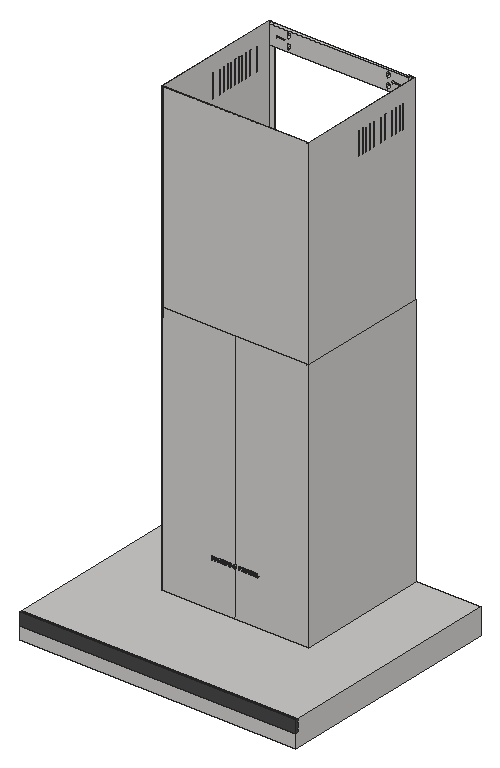
Revit family "FP_Revit_18_HC60DCXB3_Rangehood_90001859A", category Specialty Equipment, Revit 2018
Family settings
  Round Connector Dimension = Use Diameter
  Part Type = Normal
  OmniClass Number = 23.40.40.00
  OmniClass Title = Food Service Equipment and Furnishings
  Work Plane-Based = No
  Always vertical = Yes
  Cut with Voids When Loaded = Yes
  Shared = No
  Room Calculation Point = No
Parameters
  Visibility - Upper Chimney Extension [instance] = yes
  URL = "www.fisherpaykel.com"
  Product - Width = 598 mm  # constant formula
  Product - Height (595mm - 1035mm) [instance] = 1035 mm
  Product - Depth = 500 mm  # constant formula
  Model = "HC60DCXB3"
  Material - Display Panel = Fisher & Paykel - Black
  Material - Body = Fisher & Paykel - Stainless Steel
  Manufacturer = "Fisher & Paykel Appliances"
  FFL Offset [instance] = 1565 mm
  Description = "60cm Rangehood"
  Connector Description - Extraction = "150mm Semi Rigid Rangehood Ducting, 780m³/hr"
  Connector Description - Electrical = "220-240 V, 50 Hz, 248 W"
  Chassis - Width = 320 mm  # constant formula
  Chassis - Height = 604 mm  # constant formula
  Chassis - Depth = 291 mm  # constant formula
Reference planes
  plane 1 "Datum": y = 0
  plane 2: z = 0
  plane 3 "Center (Left/Right)": x = 0
  plane 4 "Product - Height": z = 2600
  plane 5 "Product LHS": x = -299
  plane 6 "Product RHS": x = 299
  plane 7 "Product - Depth": y = -500
  plane 8 "Cavity LHS": x = -160
  plane 9 "Cavity RHS": x = 160
  plane 10 "Chassis - Depth": y = -291
  plane 11 "FFL Offset": z = 1565
Forms (mm)
  Extrusion 1, solid, material "Fisher & Paykel - Stainless Steel" <- "Material - Body"
    sketch origin (0, 0, 0) x (1, 0, 0) y (0, 1, 0)
      loop
        line (-145, 0) -> (-160, 0) -> (-160, -291) -> (0, -291) -> (160, -291) -> (160, 0) -> (145, 0) -> (145, -1) -> (159, -1) -> (159, -290) -> (-159, -290) -> (-159, -1) -> (-145, -1) -> (-145, 0)
    from 1620 to 2169
  Extrusion 2, solid, material "Fisher & Paykel - Stainless Steel" <- "Material - Body", visible <- "Visibility - Upper Chimney Extension"
    sketch origin (0, 0, 0) x (1, 0, 0) y (0, 1, 0)
      loop
        line (-158, -3) -> (-145, -3) -> (-145, -2) -> (-159, -2) -> (-159, -290) -> (159, -290) -> (159, -2) -> (145, -2) -> (145, -3) -> (158, -3) -> (158, -289.044) -> (-158, -289.044) -> (-158, -3)
    from 2149 to 2600
  Extrusion 3, solid, material "Fisher & Paykel - Stainless Steel" <- "Material - Body"
    sketch origin (0, 0, 0) x (1, 0, 0) y (0, 1, 0)
      loop
        line (-299, 0) -> (-299, -500) -> (299, -500) -> (299, 0) -> (-299, 0)
    from 1565 to 1620
  Extrusion 4, void
    sketch origin (0, 0, 0) x (0, 1, 0) y (0, 0, 1)
      loop
        line (-500, 1620) -> (-500, 1592.5) -> (-495, 1592.5) -> (-495, 1620) -> (-500, 1620)
    from -299 to 299
  Extrusion 5, solid, material "Fisher & Paykel - Black" <- "Material - Display Panel", detail levels medium+fine
    sketch origin (0, 0, 1000) x (0, 1, 0) y (0, 0, 1)
      loop
        line (-495, 592.5) -> (-495, 620) -> (-500, 620) -> (-500, 592.5) -> (-495, 592.5)
    from -299 to 299
  Extrusion 6, solid, material "Fisher & Paykel - Stainless Steel" <- "Material - Body"
    sketch origin (0, 0, 0) x (1, 0, 0) y (0, 1, 0)
      loop
        line (159, -1) -> (-159, -1) -> (-159, -290) -> (159, -290) -> (159, -1)
    from 1620 to 1838
  Extrusion 7, solid, material "Fisher & Paykel - Stainless Steel" <- "Material - Body"
    sketch origin (0, 0, 0) x (1, 0, 0) y (0, 1, 0)
      loop
        circle (0, -82) r 75
      loop
        circle (0, -82) r 73
    from 1838 to 1970.269
  Extrusion 8, solid, material "Fisher & Paykel - Stainless Steel" <- "Material - Body"
    sketch origin (0, 0, 0) x (1, 0, 0) y (0, 0, 1)
      loop
        line (-145, 1860) -> (-145, 1838) -> (145, 1838) -> (145, 1860) -> (-145, 1860)
      loop
        line (-127.5, 1851) -> (-127.5, 1849.33)
        arc (-127.5, 1849.33) -> (-125, 1840) -> (-122.5, 1849.33) r 5
        line (-122.5, 1849.33) -> (-122.5, 1851)
        arc (-122.5, 1851) -> (-125, 1853.5) -> (-127.5, 1851) r 2.5
      loop
        line (122.5, 1851) -> (122.5, 1849.33)
        arc (122.5, 1849.33) -> (125, 1840) -> (127.5, 1849.33) r 5
        line (127.5, 1849.33) -> (127.5, 1851)
        arc (127.5, 1851) -> (125, 1853.5) -> (122.5, 1851) r 2.5
    from 0 to 2
  Extrusion 9, solid, material "Fisher & Paykel - Stainless Steel" <- "Material - Body", visible <- "Visibility - Upper Chimney Extension"
    sketch origin (0, 0, 0) x (1, 0, 0) y (0, 0, 1)
      loop
        line (-150, 2558.811) -> (150, 2558.811) -> (150, 2600) -> (-150, 2600) -> (-150, 2558.811)
      loop
        line (104, 2592.5) -> (104, 2588.5)
        arc (104, 2588.5) -> (108, 2584.5) -> (112, 2588.5) r 4
        line (112, 2588.5) -> (112, 2592.5)
        arc (112, 2592.5) -> (108, 2596.5) -> (104, 2592.5) r 4
      loop
        arc (112, 2571.5) -> (108, 2575.5) -> (104, 2571.5) r 4
        line (104, 2571.5) -> (104, 2566.794)
        arc (104, 2566.794) -> (108, 2563.544) -> (112, 2566.794) r 4.087
        line (112, 2566.794) -> (112, 2571.5)
      loop
        arc (117.5, 2582.5) -> (115, 2580) -> (117.5, 2577.5) r 2.5
        line (117.5, 2577.5) -> (132.5, 2577.5)
        arc (132.5, 2577.5) -> (135, 2580) -> (132.5, 2582.5) r 2.5
        line (132.5, 2582.5) -> (117.5, 2582.5)
      loop
        arc (-104, 2592.5) -> (-108, 2596.5) -> (-112, 2592.5) r 4
        line (-112, 2592.5) -> (-112, 2588.5)
        arc (-112, 2588.5) -> (-108, 2584.5) -> (-104, 2588.5) r 4
        line (-104, 2588.5) -> (-104, 2592.5)
      loop
        line (-112, 2571.5) -> (-112, 2566.794)
        arc (-112, 2566.794) -> (-108, 2563.544) -> (-104, 2566.794) r 4.087
        line (-104, 2566.794) -> (-104, 2571.5)
        arc (-104, 2571.5) -> (-108, 2575.5) -> (-112, 2571.5) r 4
      loop
        line (-117.5, 2582.5) -> (-132.5, 2582.5)
        arc (-132.5, 2582.5) -> (-135, 2580) -> (-132.5, 2577.5) r 2.5
        line (-132.5, 2577.5) -> (-117.5, 2577.5)
        arc (-117.5, 2577.5) -> (-115, 2580) -> (-117.5, 2582.5) r 2.5
    from 3 to 9
  Extrusion 10, void
    sketch origin (0, 0, 0) x (0, 1, 0) y (0, 0, 1)
      loop
        line (-157, 2564.417) -> (-157, 2514.417)
        arc (-157, 2514.417) -> (-154.5, 2511.917) -> (-152, 2514.417) r 2.5
        line (-152, 2514.417) -> (-152, 2564.417)
        arc (-152, 2564.417) -> (-154.5, 2566.917) -> (-157, 2564.417) r 2.5
      loop
        line (-147, 2564.417) -> (-147, 2514.417)
        arc (-147, 2514.417) -> (-144.5, 2511.917) -> (-142, 2514.417) r 2.5
        line (-142, 2514.417) -> (-142, 2564.417)
        arc (-142, 2564.417) -> (-144.5, 2566.917) -> (-147, 2564.417) r 2.5
      loop
        line (-137, 2564.417) -> (-137, 2514.417)
        arc (-137, 2514.417) -> (-134.5, 2511.917) -> (-132, 2514.417) r 2.5
        line (-132, 2514.417) -> (-132, 2564.417)
        arc (-132, 2564.417) -> (-134.5, 2566.917) -> (-137, 2564.417) r 2.5
      loop
        line (-127, 2564.417) -> (-127, 2514.417)
        arc (-127, 2514.417) -> (-124.5, 2511.917) -> (-122, 2514.417) r 2.5
        line (-122, 2514.417) -> (-122, 2564.417)
        arc (-122, 2564.417) -> (-124.5, 2566.917) -> (-127, 2564.417) r 2.5
      loop
        line (-117, 2564.417) -> (-117, 2514.417)
        arc (-117, 2514.417) -> (-114.5, 2511.917) -> (-112, 2514.417) r 2.5
        line (-112, 2514.417) -> (-112, 2564.417)
        arc (-112, 2564.417) -> (-114.5, 2566.917) -> (-117, 2564.417) r 2.5
      loop
        line (-107, 2564.417) -> (-107, 2514.417)
        arc (-107, 2514.417) -> (-104.5, 2511.917) -> (-102, 2514.417) r 2.5
        line (-102, 2514.417) -> (-102, 2564.417)
        arc (-102, 2564.417) -> (-104.5, 2566.917) -> (-107, 2564.417) r 2.5
      loop
        line (-97, 2564.417) -> (-97, 2514.417)
        arc (-97, 2514.417) -> (-94.5, 2511.917) -> (-92, 2514.417) r 2.5
        line (-92, 2514.417) -> (-92, 2564.417)
        arc (-92, 2564.417) -> (-94.5, 2566.917) -> (-97, 2564.417) r 2.5
      loop
        line (-87, 2564.417) -> (-87, 2514.417)
        arc (-87, 2514.417) -> (-84.5, 2511.917) -> (-82, 2514.417) r 2.5
        line (-82, 2514.417) -> (-82, 2564.417)
        arc (-82, 2564.417) -> (-84.5, 2566.917) -> (-87, 2564.417) r 2.5
      loop
        line (-77, 2564.417) -> (-77, 2514.417)
        arc (-77, 2514.417) -> (-74.5, 2511.917) -> (-72, 2514.417) r 2.5
        line (-72, 2514.417) -> (-72, 2564.417)
        arc (-72, 2564.417) -> (-74.5, 2566.917) -> (-77, 2564.417) r 2.5
      loop
        line (-67, 2564.417) -> (-67, 2514.417)
        arc (-67, 2514.417) -> (-64.5, 2511.917) -> (-62, 2514.417) r 2.5
        line (-62, 2514.417) -> (-62, 2564.417)
        arc (-62, 2564.417) -> (-64.5, 2566.917) -> (-67, 2564.417) r 2.5
      loop
        line (-57, 2564.417) -> (-57, 2514.417)
        arc (-57, 2514.417) -> (-54.5, 2511.917) -> (-52, 2514.417) r 2.5
        line (-52, 2514.417) -> (-52, 2564.417)
        arc (-52, 2564.417) -> (-54.5, 2566.917) -> (-57, 2564.417) r 2.5
      loop
        line (-47, 2564.417) -> (-47, 2514.417)
        arc (-47, 2514.417) -> (-44.5, 2511.917) -> (-42, 2514.417) r 2.5
        line (-42, 2514.417) -> (-42, 2564.417)
        arc (-42, 2564.417) -> (-44.5, 2566.917) -> (-47, 2564.417) r 2.5
      loop
        line (-37, 2564.417) -> (-37, 2514.417)
        arc (-37, 2514.417) -> (-34.5, 2511.917) -> (-32, 2514.417) r 2.5
        line (-32, 2514.417) -> (-32, 2564.417)
        arc (-32, 2564.417) -> (-34.5, 2566.917) -> (-37, 2564.417) r 2.5
    from -159 to 159
  Extrusion 11, solid, material "Fisher & Paykel - Stainless Steel" <- "Material - Body"
    sketch origin (0, 0, 0) x (1, 0, 0) y (0, 0, 1)
      loop
        line (145, 2141) -> (-145, 2141) -> (-145, 2101) -> (145, 2101) -> (145, 2141)
      loop
        line (125, 2123.5) -> (110, 2123.5)
        arc (110, 2123.5) -> (107.5, 2121) -> (110, 2118.5) r 2.5
        line (110, 2118.5) -> (125, 2118.5)
        arc (125, 2118.5) -> (127.5, 2121) -> (125, 2123.5) r 2.5
      loop
        line (-110, 2123.5) -> (-125, 2123.5)
        arc (-125, 2123.5) -> (-127.5, 2121) -> (-125, 2118.5) r 2.5
        line (-125, 2118.5) -> (-110, 2118.5)
        arc (-110, 2118.5) -> (-107.5, 2121) -> (-110, 2123.5) r 2.5
    from 2 to 9
  Extrusion 12, void
    sketch origin (0, 0, 0) x (1, 0, 0) y (0, 1, 0)
      loop
        line (-258, -400) -> (258, -400) -> (258, -83) -> (-258, -83) -> (-258, -400)
      loop
        circle (115, -45) r 25
      loop
        circle (-115, -45) r 25
    from 1565 to 1574
  Extrusion 13, solid, material "Fisher & Paykel - Stainless Steel" <- "Material - Body", detail levels fine
    sketch origin (0, 0, 0) x (1, 0, 0) y (0, 1, 0)
      loop
        line (258, -83) -> (0.5, -83) -> (0.5, -400) -> (258, -400) -> (258, -83)
      loop
        line (9, -391) -> (110.5, -391) -> (110.5, -347) -> (147.5, -347) -> (147.5, -391) -> (249, -391) -> (249, -92) -> (9, -92) -> (9, -391)
      loop
        line (139.5, -357.5) -> (118.5, -357.5) -> (118.5, -391) -> (139.5, -391) -> (139.5, -357.5)
      loop
        line (118.9, -364.5) -> (118.9, -390.562) -> (139.1, -390.562) -> (139.1, -364.5) -> (118.9, -364.5)
      loop
        line (-258, -83) -> (-258, -400) -> (-0.5, -400) -> (-0.5, -83) -> (-258, -83)
      loop
        line (-9, -391) -> (-9, -92) -> (-249, -92) -> (-249, -391) -> (-147.5, -391) -> (-147.5, -347) -> (-110.5, -347) -> (-110.5, -391) -> (-9, -391)
      loop
        line (-139.5, -357.5) -> (-139.5, -391) -> (-118.5, -391) -> (-118.5, -357.5) -> (-139.5, -357.5)
      loop
        line (-118.9, -364.5) -> (-139.1, -364.5) -> (-139.1, -390.562) -> (-118.9, -390.562) -> (-118.9, -364.5)
    from 1565 to 1574
  Extrusion 14, solid, material "Fisher & Paykel - Aluminium", detail levels medium+fine
    sketch origin (0, 0, 0) x (1, 0, 0) y (0, 1, 0)
      loop
        line (249, -92) -> (9, -92) -> (9, -391) -> (110.5, -391) -> (110.5, -347) -> (147.5, -347) -> (147.5, -391) -> (249, -391) -> (249, -92)
      loop
        line (-249, -92) -> (-249, -391) -> (-147.5, -391) -> (-147.5, -347) -> (-110.5, -347) -> (-110.5, -391) -> (-9, -391) -> (-9, -92) -> (-249, -92)
    from 1565 to 1572
  Extrusion 15, solid, material "Fisher & Paykel - Bezel White", detail levels fine
    sketch origin (0, 0, 0) x (1, 0, 0) y (0, 1, 0)
      loop
        circle (115, -45) r 22
      loop
        circle (-115, -45) r 22
    from 1565 to 1572
  Extrusion 16, solid, material "Fisher & Paykel - Stainless Steel" <- "Material - Body", detail levels fine
    sketch origin (0, 0, 0) x (1, 0, 0) y (0, 1, 0)
      loop
        circle (115, -45) r 22
      loop
        circle (115, -45) r 25
      loop
        circle (-115, -45) r 22
      loop
        circle (-115, -45) r 25
    from 1566 to 1574
  Extrusion 17, solid, material "Fisher & Paykel - Stainless Steel" <- "Material - Body", detail levels medium+fine
    sketch origin (0, 0, 0) x (1, 0, 0) y (0, 1, 0)
      loop
        circle (101, -15) r 4
    from 1838 to 1970.269
Cuts and joins
  Extrusion 4, Extrusion 12 cuts Extrusion 3
  Extrusion 10 cuts Extrusion 2
Text (mm)
  text "Due to ongoing product development, product details are subject to change without notice. \nPlease always refer to www.fisherpaykel.com for the most current product information. \n© Fisher & Paykel 2020" at (41.04, -1225.549, 0), in view "Ref. Level (Plan)"
Dimensions and locks
  equal spacing: plane 5 "Product LHS", plane 3 "Center (Left/Right)", plane 6 "Product RHS"
  equal spacing: plane 8 "Cavity LHS", plane 3 "Center (Left/Right)", plane 9 "Cavity RHS"
  "Chassis - Width": plane 8 "Cavity LHS" to plane 9 "Cavity RHS"
  locked: Extrusion 1 sketch curve to Extrusion 1 sketch curve at 1  (x3)
  locked: Extrusion 2 to Extrusion 2 at 451
  "Product - Depth": plane 7 "Product - Depth" to plane 1 "Datum"
  "FFL Offset": plane 11 "FFL Offset" to level
  Extrusion 9 sketch curve to plane 4 "Product - Height" = 41.189 mm
  Extrusion 9 sketch curve to plane 4 "Product - Height" = 17.5 mm
  "Chassis - Height": Extrusion 1 to plane 11 "FFL Offset"
  plane 11 "FFL Offset" to Extrusion 8 sketch curve = 295 mm
  locked: Extrusion 7 to plane 11 "FFL Offset" at 405.269
  locked: cut or joined group of Extrusion 3, Extrusion 4, Extrusion 12 to plane 11 "FFL Offset" at 9
  locked: Extrusion 14 to plane 11 "FFL Offset" at 7
  locked: Extrusion 5 to plane 11 "FFL Offset" at 27.5
  locked: plane 11 "FFL Offset" to nested 1 at 153.17
  "Product - Height (595mm - 1035mm)": plane 4 "Product - Height" to plane 11 "FFL Offset"
  locked: cut or joined group of Extrusion 3, Extrusion 4, Extrusion 12 to Extrusion 16 at 1
  locked: Extrusion 6 to plane 11 "FFL Offset" at 273
  "Chassis - Depth": plane 1 "Datum" to plane 10 "Chassis - Depth"
  locked: cut or joined group of Extrusion 3, Extrusion 4, Extrusion 12 to plane 11 "FFL Offset" at 55
  locked: Extrusion 9 to plane 4 "Product - Height" at 41.189
  locked: plane 11 "FFL Offset" to Extrusion 11 at 536
  locked: plane 11 "FFL Offset" to Extrusion 11 at 576
  "Product - Width": plane 5 "Product LHS" to plane 6 "Product RHS"
  aligned and locked: level to plane 2
  aligned and locked: Extrusion 1 sketch curve to plane 8 "Cavity LHS"
  aligned and locked: plane 9 "Cavity RHS" to Extrusion 1 sketch curve
  aligned and locked: plane 1 "Datum" to Extrusion 1 sketch curve  (x2)
  aligned and locked: plane 10 "Chassis - Depth" to Extrusion 1 sketch curve
  aligned and locked: plane 6 "Product RHS" to Extrusion 3 sketch curve
  aligned and locked: plane 1 "Datum" to Extrusion 3 sketch curve
  aligned and locked: Extrusion 3 sketch curve to plane 5 "Product LHS"
  aligned and locked: plane 7 "Product - Depth" to Extrusion 3 sketch curve
  aligned and locked: plane 7 "Product - Depth" to Extrusion 4 sketch curve
  aligned and locked: Extrusion 4 sketch curve to cut or joined group of Extrusion 3, Extrusion 4, Extrusion 12
  aligned and locked: Extrusion 4 to plane 6 "Product RHS"
  aligned and locked: plane 5 "Product LHS" to Extrusion 4
  aligned and locked: cut or joined group of Extrusion 3, Extrusion 4, Extrusion 12 to Extrusion 5
  aligned and locked: Extrusion 5 to cut or joined group of Extrusion 3, Extrusion 4, Extrusion 12
  aligned and locked: Extrusion 1 to Extrusion 6
  aligned and locked: Extrusion 7 to Extrusion 6
  aligned and locked: plane 4 "Product - Height" to Extrusion 2
  aligned and locked: Extrusion 10 to Extrusion 1  (x2)
  aligned and locked: plane 4 "Product - Height" to Extrusion 9
  aligned and locked: Extrusion 9 sketch curve to Extrusion 9 sketch curve
  aligned and locked: Extrusion 3 to plane 11 "FFL Offset"
  aligned and locked: Extrusion 6 to cut or joined group of Extrusion 3, Extrusion 4, Extrusion 12
  aligned and locked: Extrusion 3 to Extrusion 12
  aligned and locked: cut or joined group of Extrusion 3, Extrusion 4, Extrusion 12 to Extrusion 13  (x2)
  aligned and locked: cut or joined group of Extrusion 3, Extrusion 4, Extrusion 12 to Extrusion 14
  aligned and locked: Extrusion 15 to Extrusion 14
  aligned and locked: cut or joined group of Extrusion 3, Extrusion 4, Extrusion 12 to Extrusion 15
  aligned and locked: Extrusion 4 to Extrusion 5
  aligned and locked: Extrusion 1 to Extrusion 5
  aligned and locked: Extrusion 16 to cut or joined group of Extrusion 3, Extrusion 4, Extrusion 12
  aligned and locked: Extrusion 17 to Extrusion 6
  aligned and locked: Extrusion 7 to Extrusion 17
  aligned and locked: cut or joined group of Extrusion 2, Extrusion 10 to Extrusion 9
Automatic sketch dimensions
  Extrusion 1 sketch curve to plane 3 "Center (Left/Right)" = 0 mm
  plane 1 "Datum" to Extrusion 1 sketch curve = 1 mm  (x2)
  Extrusion 1 sketch curve to Extrusion 1 sketch curve = 14 mm
  plane 9 "Cavity RHS" to Extrusion 1 sketch curve = 15 mm
  plane 7 "Product - Depth" to Extrusion 4 sketch curve = 5 mm
  level to Extrusion 4 sketch curve = 1592.5 mm
  Extrusion 5 sketch curve to Extrusion 5 sketch curve = 27.5 mm
  Extrusion 6 sketch curve to plane 8 "Cavity LHS" = 1 mm
  plane 9 "Cavity RHS" to Extrusion 6 sketch curve = 1 mm
  plane 10 "Chassis - Depth" to Extrusion 6 sketch curve = 1 mm
  plane 1 "Datum" to Extrusion 6 sketch curve = 1 mm
  Extrusion 2 sketch curve to plane 8 "Cavity LHS" = 1 mm
  Extrusion 2 sketch curve to Extrusion 2 sketch curve = 1 mm  (x3)
  plane 1 "Datum" to Extrusion 2 sketch curve = 3 mm  (x2)
  Extrusion 2 sketch curve to Extrusion 2 sketch curve = 13 mm
  plane 9 "Cavity RHS" to Extrusion 2 sketch curve = 15 mm
  plane 9 "Cavity RHS" to Extrusion 2 sketch curve = 2 mm
  plane 9 "Cavity RHS" to Extrusion 2 sketch curve = 1 mm
  plane 10 "Chassis - Depth" to Extrusion 2 sketch curve = 1.956 mm
  plane 10 "Chassis - Depth" to Extrusion 2 sketch curve = 1 mm
  Extrusion 10 sketch curve to plane 4 "Product - Height" = 85.583 mm  (x2)
  plane 1 "Datum" to Extrusion 10 sketch curve = 157 mm
  Extrusion 10 sketch curve to Extrusion 10 sketch curve = 2.5 mm  (x13)
  Extrusion 10 sketch curve to Extrusion 10 sketch curve = 5 mm  (x12)
  Extrusion 10 sketch curve to Extrusion 10 sketch curve = 0 mm  (x23)
  Extrusion 10 sketch curve to plane 4 "Product - Height" = 35.583 mm
  Extrusion 11 sketch curve to plane 5 "Product LHS" = 154 mm
  Extrusion 11 sketch curve to Extrusion 11 sketch curve = 20 mm  (x2)
  Extrusion 11 sketch curve to Extrusion 11 sketch curve = 15 mm  (x2)
  Extrusion 11 sketch curve to plane 8 "Cavity LHS" = 270 mm
  Extrusion 11 sketch curve to Extrusion 11 sketch curve = 17.5 mm  (x3)
  Extrusion 11 sketch curve to Extrusion 11 sketch curve = 2.5 mm  (x2)
  Extrusion 5 sketch curve to Extrusion 5 sketch curve = 5 mm
  Extrusion 5 sketch curve to plane 7 "Product - Depth" = 0 mm
  plane 11 "FFL Offset" to Extrusion 5 sketch curve = 27.5 mm
  Extrusion 15 sketch curve to plane 8 "Cavity LHS" = 45 mm
  plane 9 "Cavity RHS" to Extrusion 15 sketch curve = 45 mm
  plane 1 "Datum" to Extrusion 15 sketch curve = 45 mm  (x2)
  Extrusion 16 sketch curve to Extrusion 16 sketch curve = 0 mm  (x4)
  Extrusion 16 sketch curve to plane 8 "Cavity LHS" = 45 mm
  plane 9 "Cavity RHS" to Extrusion 16 sketch curve = 45 mm
  plane 1 "Datum" to Extrusion 16 sketch curve = 45 mm  (x2)
  Extrusion 7 sketch curve to Extrusion 7 sketch curve = 0 mm  (x2)
  Extrusion 7 sketch curve to plane 3 "Center (Left/Right)" = 0 mm
  plane 1 "Datum" to Extrusion 7 sketch curve = 82 mm
  Extrusion 8 sketch curve to plane 8 "Cavity LHS" = 15 mm
  Extrusion 8 sketch curve to Extrusion 8 sketch curve = 17.5 mm
  Extrusion 8 sketch curve to Extrusion 8 sketch curve = 2.5 mm  (x4)
  plane 9 "Cavity RHS" to Extrusion 8 sketch curve = 37.5 mm
  plane 9 "Cavity RHS" to Extrusion 8 sketch curve = 15 mm
  Extrusion 8 sketch curve to Extrusion 8 sketch curve = 9 mm  (x2)
  Extrusion 8 sketch curve to Extrusion 8 sketch curve = 1.67 mm  (x2)
  Extrusion 8 sketch curve to Extrusion 8 sketch curve = 4.33 mm  (x2)
  Extrusion 8 sketch curve to Extrusion 8 sketch curve = 11.33 mm
  plane 1 "Datum" to Extrusion 17 sketch curve = 15 mm
  plane 9 "Cavity RHS" to Extrusion 17 sketch curve = 59 mm
  Extrusion 9 sketch curve to plane 4 "Product - Height" = 0 mm
  Extrusion 9 sketch curve to plane 8 "Cavity LHS" = 10 mm
  Extrusion 9 sketch curve to Extrusion 9 sketch curve = 17.5 mm
  Extrusion 9 sketch curve to Extrusion 9 sketch curve = 15 mm  (x2)
  Extrusion 9 sketch curve to Extrusion 9 sketch curve = 5.5 mm  (x3)
  Extrusion 9 sketch curve to Extrusion 9 sketch curve = 4 mm  (x6)
  Extrusion 9 sketch curve to Extrusion 9 sketch curve = 0 mm  (x3)
  Extrusion 9 sketch curve to plane 4 "Product - Height" = 11.5 mm
  plane 9 "Cavity RHS" to Extrusion 9 sketch curve = 56 mm
  plane 9 "Cavity RHS" to Extrusion 9 sketch curve = 10 mm
  Extrusion 9 sketch curve to Extrusion 9 sketch curve = 21.706 mm
  Extrusion 9 sketch curve to Extrusion 9 sketch curve = 15.706 mm
  Extrusion 9 sketch curve to Extrusion 9 sketch curve = 0.837 mm  (x2)
  Extrusion 9 sketch curve to Extrusion 9 sketch curve = 3.87 mm
  Extrusion 9 sketch curve to Extrusion 9 sketch curve = 4.706 mm
  Extrusion 9 sketch curve to Extrusion 9 sketch curve = 5 mm
  Extrusion 9 sketch curve to Extrusion 9 sketch curve = 2.5 mm
  Extrusion 9 sketch curve to Extrusion 9 sketch curve = 6 mm
  Extrusion 11 sketch curve to plane 4 "Product - Height" = 499 mm
  Extrusion 13 sketch curve to plane 5 "Product LHS" = 41 mm
  Extrusion 13 sketch curve to Extrusion 13 sketch curve = 9 mm  (x6)
  Extrusion 13 sketch curve to plane 8 "Cavity LHS" = 12.5 mm
  Extrusion 13 sketch curve to Extrusion 13 sketch curve = 8 mm  (x3)
  Extrusion 13 sketch curve to Extrusion 13 sketch curve = 0.4 mm  (x4)
  Extrusion 13 sketch curve to Extrusion 13 sketch curve = 20.2 mm  (x2)
  Extrusion 13 sketch curve to plane 3 "Center (Left/Right)" = 9 mm
  Extrusion 13 sketch curve to plane 3 "Center (Left/Right)" = 0.5 mm
  plane 3 "Center (Left/Right)" to Extrusion 13 sketch curve = 0.5 mm
  plane 3 "Center (Left/Right)" to Extrusion 13 sketch curve = 9 mm
  plane 9 "Cavity RHS" to Extrusion 13 sketch curve = 49.5 mm
  plane 9 "Cavity RHS" to Extrusion 13 sketch curve = 12.5 mm
  plane 6 "Product RHS" to Extrusion 13 sketch curve = 50 mm
  plane 7 "Product - Depth" to Extrusion 13 sketch curve = 100 mm  (x2)
  Extrusion 13 sketch curve to Extrusion 13 sketch curve = 0 mm  (x4)
  Extrusion 13 sketch curve to Extrusion 13 sketch curve = 0.438 mm  (x2)
  Extrusion 13 sketch curve to Extrusion 13 sketch curve = 26.062 mm  (x2)
  Extrusion 13 sketch curve to Extrusion 13 sketch curve = 7 mm  (x2)
  Extrusion 13 sketch curve to Extrusion 13 sketch curve = 10.5 mm  (x2)
  plane 1 "Datum" to Extrusion 13 sketch curve = 92 mm  (x2)
  Extrusion 12 sketch curve to plane 5 "Product LHS" = 41 mm
  Extrusion 12 sketch curve to plane 8 "Cavity LHS" = 45 mm
  plane 9 "Cavity RHS" to Extrusion 12 sketch curve = 45 mm
  plane 6 "Product RHS" to Extrusion 12 sketch curve = 41 mm
  plane 7 "Product - Depth" to Extrusion 12 sketch curve = 100 mm
  plane 1 "Datum" to Extrusion 12 sketch curve = 83 mm
  plane 1 "Datum" to Extrusion 12 sketch curve = 45 mm  (x2)
  Extrusion 14 sketch curve to plane 5 "Product LHS" = 50 mm
  Extrusion 14 sketch curve to plane 8 "Cavity LHS" = 12.5 mm
  Extrusion 14 sketch curve to Extrusion 14 sketch curve = 37 mm
  Extrusion 14 sketch curve to plane 3 "Center (Left/Right)" = 9 mm
  plane 3 "Center (Left/Right)" to Extrusion 14 sketch curve = 9 mm
  plane 9 "Cavity RHS" to Extrusion 14 sketch curve = 49.5 mm
  plane 9 "Cavity RHS" to Extrusion 14 sketch curve = 12.5 mm
  plane 6 "Product RHS" to Extrusion 14 sketch curve = 50 mm
  Extrusion 14 sketch curve to plane 10 "Chassis - Depth" = 100 mm  (x2)
  Extrusion 14 sketch curve to Extrusion 14 sketch curve = 0 mm  (x2)
  Extrusion 14 sketch curve to Extrusion 14 sketch curve = 44 mm  (x2)
  plane 1 "Datum" to Extrusion 14 sketch curve = 92 mm  (x2)
  radius of Extrusion 15 sketch curve = 22 mm  (x2)
  radius of Extrusion 16 sketch curve = 22 mm  (x2)
  radius of Extrusion 16 sketch curve = 25 mm  (x2)
  radius of Extrusion 7 sketch curve = 73 mm
  radius of Extrusion 7 sketch curve = 75 mm
  radius of Extrusion 17 sketch curve = 4 mm
  radius of Extrusion 12 sketch curve = 25 mm  (x2)
Nested families
  nested 1: "F&P Logo 100mm" at (0.236, -291, 1718.279), type "Grey"
Connectors
  hvac at (0, -82, 1970.269), driven by "Connector Description - Extraction"
    settings: on Extrusion 7, index 1, duct flow 0.0 L/s, flow factor 0, pres drop 0.0 Pa, loss coef 0, conn angle 0.00°, conn width 304.8 mm, conn height 304.8 mm, conn diameter 150 mm, duct sys type 3, conn prof type 0, flow config 0, flow direction 2, loss method 0, conn ref index -1, conn util no, is conn primary yes, conn desc "150mm Semi Rigid Rangehood Ducting, 780m³/hr"
  electrical at (101, -15, 1970.269), driven by "Connector Description - Electrical"
    settings: on Extrusion 17, index 2, voltage 230 V, apparent load 0 VA, apparent load phase1 0 VA, apparent load phase2 0 VA, apparent load phase3 0 VA, power factor 1, load classification "Other", number of poles 1, system type 30, power factor state 1, is connector primary yes, connector utility no, sub classification motor no, connector description "220-240 V, 50 Hz, 248 W"
Definition of nested family "F&P Logo 100mm"
  Parameters (values of type "Chrome")
    URL = "www.fisherpaykel.com"
    Material - Logo = none
    Manufacturer = "Fisher & Paykel Appliances"
  Types (3): name
    (no name)
    Chrome
    Grey
  Reference planes
    plane 1 "Center (Front/Back)": y = 0
    plane 2: z = 0
    plane 3 "Center (Left/Right)": x = 0
  Forms (mm)
    Extrusion 1, solid, material <- "Material - Logo", detail levels fine
      sketch origin (0, 0, 0) x (1, 0, 0) y (0, 0, 1)
        loop
          line (-50.044, 0) -> (-48.47, 0) -> (-48.47, 2.138) -> (-46.011, 2.138) -> (-46.011, 3.472) -> (-48.47, 3.472) -> (-48.47, 4.712) -> (-45.795, 4.712) -> (-45.795, 6.04) -> (-50.044, 6.04) -> (-50.044, 0)
        loop
          line (-42.804, 6.04) -> (-42.804, 0) -> (-41.23, 0) -> (-41.23, 6.04) -> (-42.804, 6.04)
        loop
          line (-30.724, 6.04) -> (-30.724, 0) -> (-29.151, 0) -> (-29.151, 2.42) -> (-26.839, 2.42) -> (-26.839, 0) -> (-25.265, 0) -> (-25.265, 6.04) -> (-26.839, 6.04) -> (-26.839, 3.748) -> (-29.151, 3.748) -> (-29.151, 6.04) -> (-30.724, 6.04)
        loop
          line (-21.906, 6.04) -> (-21.906, 0) -> (-17.602, 0) -> (-17.602, 1.328) -> (-20.347, 1.328) -> (-20.347, 2.42) -> (-17.838, 2.42) -> (-17.838, 3.748) -> (-20.347, 3.748) -> (-20.347, 4.712) -> (-17.602, 4.712) -> (-17.602, 6.04) -> (-21.906, 6.04)
        loop
          line (45.667, 6.04) -> (45.667, 0) -> (49.956, 0) -> (49.956, 1.328) -> (47.241, 1.328) -> (47.241, 6.04) -> (45.667, 6.04)
        loop
          line (42.431, 6.04) -> (38.112, 6.04) -> (38.112, 0) -> (42.431, 0) -> (42.431, 1.328) -> (39.687, 1.328) -> (39.687, 2.42) -> (42.195, 2.42) -> (42.195, 3.748) -> (39.687, 3.748) -> (39.687, 4.712) -> (42.431, 4.712) -> (42.431, 6.04)
        loop
          line (33.451, 3.148) -> (35.683, 6.04) -> (33.844, 6.04) -> (31.915, 3.542) -> (31.915, 6.04) -> (30.342, 6.04) -> (30.342, 0) -> (31.915, 0) -> (31.915, 2.705) -> (33.903, 0) -> (35.763, 0) -> (33.451, 3.148)
        loop
          line (21.98, 6.04) -> (24.262, 2.42) -> (24.262, 0) -> (25.837, 0) -> (25.837, 2.341) -> (28.119, 6.04) -> (26.446, 6.04) -> (25.099, 3.707) -> (23.753, 6.04) -> (21.98, 6.04)
        loop
          line (18.479, 6.04) -> (16.983, 6.04) -> (14.524, 0) -> (16.069, 0) -> (16.501, 1.112) -> (18.921, 1.112) -> (19.354, 0) -> (20.938, 0) -> (18.479, 6.04)
        loop
          line (18.4, 2.439) -> (17.693, 4.174) -> (17.018, 2.439) -> (18.4, 2.439)
        loop
          line (8.031, 6.04) -> (8.031, 0) -> (9.605, 0) -> (9.605, 1.938) -> (10.599, 1.938)
          arc (10.599, 1.938) -> (12.65, 3.989) -> (10.599, 6.04) r 2.051
          line (10.599, 6.04) -> (8.031, 6.04)
        loop
          line (9.605, 4.712) -> (9.605, 3.197) -> (10.501, 3.197)
          arc (10.501, 3.197) -> (11.259, 3.954) -> (10.501, 4.712) r 0.757
          line (10.501, 4.712) -> (9.605, 4.712)
        loop
          line (-11.783, 6.04) -> (-14.366, 6.04) -> (-14.366, 0) -> (-12.792, 0) -> (-12.792, 1.336) -> (-11.992, 1.336) -> (-10.972, 0) -> (-9.153, 0) -> (-10.694, 1.973)
          arc (-10.694, 1.973) -> (-9.678, 4.424) -> (-11.783, 6.04) r 2.179
        loop
          line (-11.897, 4.712) -> (-12.792, 4.712) -> (-12.792, 3.053) -> (-11.897, 3.053)
          arc (-11.897, 3.053) -> (-11.068, 3.882) -> (-11.897, 4.712) r 0.83
        loop
          line (0.477, 4.712) -> (0.477, 6.153) -> (-3.575, 6.153) -> (-3.575, 4.851) -> (-2.974, 4.112)
          arc (-2.974, 4.112) -> (-3.51, 0.684) -> (-0.045, 0.512) r 2.334
          line (-0.045, 0.512) -> (0.46, -0.109) -> (2.246, -0.109) -> (0.86, 1.594) -> (2.061, 3.324) -> (0.443, 3.324) -> (-0.013, 2.667) -> (-1.677, 4.712) -> (0.477, 4.712)
        loop
          arc (-2.125, 3.068) -> (-2.269, 1.668) -> (-0.868, 1.524) r 0.996
          line (-0.868, 1.524) -> (-2.125, 3.068)
        loop
          line (-35.18, 3.634) -> (-36.516, 3.91)
          arc (-36.516, 3.91) -> (-37.049, 4.443) -> (-36.516, 4.976) r 0.533
          arc (-36.516, 4.976) -> (-35.235, 4.79) -> (-34.059, 4.248) r 4.505
          line (-34.059, 4.248) -> (-34.059, 5.743)
          arc (-34.059, 5.743) -> (-35.549, 6.179) -> (-37.1, 6.109) r 4.726
          arc (-37.1, 6.109) -> (-38.536, 4.335) -> (-37.1, 2.561) r 1.814
          line (-37.1, 2.561) -> (-35.754, 2.282)
          arc (-35.754, 2.282) -> (-35.221, 1.749) -> (-35.754, 1.216) r 0.533
          arc (-35.754, 1.216) -> (-37.035, 1.402) -> (-38.211, 1.945) r 4.505
          line (-38.211, 1.945) -> (-38.211, 0.449)
          arc (-38.211, 0.449) -> (-36.72, 0.013) -> (-35.169, 0.083) r 4.726
          arc (-35.169, 0.083) -> (-33.734, 1.863) -> (-35.18, 3.634) r 1.814
      from 0 to 0.8
  Dimensions and locks
    aligned and locked: level to plane 2
